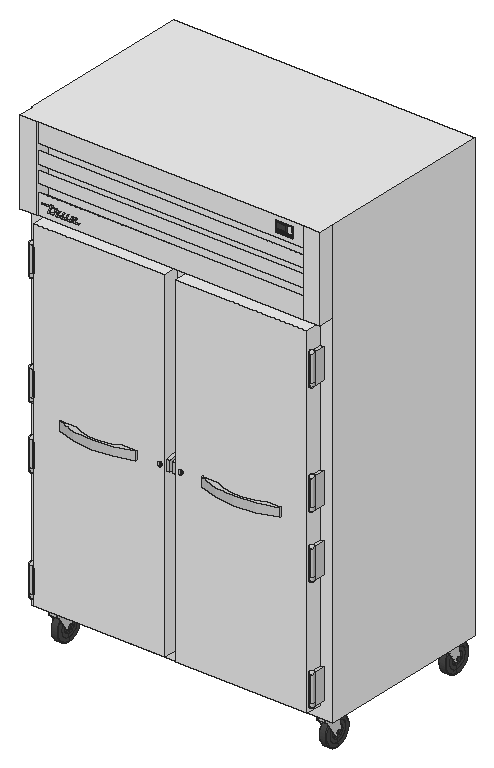
Revit family (continued)
Automatic sketch dimensions
  plane 9 to Extrusion 11 sketch curve = 4.2625"
  Extrusion 11 sketch curve to Extrusion 11 sketch curve = 2.4"  (x2)
  plane 8 to Extrusion 11 sketch curve = 12 13/32"
  Extrusion 11 sketch curve to Extrusion 11 sketch curve = 0"
  plane 5 "FRONT" to Extrusion 11 sketch curve = 0.2"
  Extrusion 11 sketch curve to plane 5 "FRONT" = 7.77899"
  Extrusion 11 sketch curve to Extrusion 11 sketch curve = 7.30945"
  plane 8 to Blend 12 sketch curve = 15/16"  (x2)
  plane 8 to Blend 12 sketch curve = 3/16"
  plane 7 to Blend 12 sketch curve = 31.11669"
  Blend 12 sketch curve to Blend 12 sketch curve = 1 3/4"
  plane 8 to Blend 12 sketch curve = 0.00527"
  plane 7 to Blend 12 sketch curve = 30.5191"
  Blend 12 sketch curve to Blend 12 sketch curve = 2.78233"
  Blend 13 sketch curve to plane 8 = 1 3/32"
  Blend 13 sketch curve to plane 8 = 11/32"
  plane 7 to Blend 13 sketch curve = 32.86669"
  Blend 13 sketch curve to Blend 13 sketch curve = 1 3/4"
  plane 8 to Blend 13 sketch curve = 1 3/32"
  plane 8 to Blend 13 sketch curve = 0.16152"
  Blend 13 sketch curve to plane 7 = 30.5191"
  Blend 13 sketch curve to Blend 13 sketch curve = 2.78233"
  Extrusion 14 sketch curve to plane 5 "FRONT" = 1/2"
  Extrusion 14 sketch curve to Extrusion 14 sketch curve = 0.43503"
  Extrusion 14 sketch curve to Extrusion 14 sketch curve = 0.20453"
  Extrusion 14 sketch curve to Extrusion 14 sketch curve = 1.61044"
  Extrusion 14 sketch curve to plane 6 "TOP" = 24.88873"
  Extrusion 14 sketch curve to Extrusion 14 sketch curve = 0.71221"
  Extrusion 14 sketch curve to Extrusion 14 sketch curve = 4.39928"
  Revolve 15 sketch curve to plane 5 "FRONT" = 0.07771"  (x2)
  Revolve 15 sketch curve to Revolve 15 sketch curve = 0.38242"
  Revolve 15 sketch curve to Revolve 15 sketch curve = 0.38436"
  Revolve 15 sketch curve to plane 5 "FRONT" = 31/64"
  Revolve 15 sketch curve to Revolve 15 sketch curve = 0.40666"
  Revolve 15 sketch curve to Revolve 15 sketch curve = 0"
  Revolve 15 sketch curve to plane 6 "TOP" = 25.07719"
  Revolve 15 sketch curve to Revolve 15 sketch curve = 0.32931"
  Revolve 15 sketch curve to Revolve 15 sketch curve = 0.51246"
  Revolve 15 sketch curve to Revolve 15 sketch curve = 0.05342"
  Revolve 15 sketch curve to Revolve 15 sketch curve = 4.42889"
  Revolve 15 sketch curve to Revolve 15 sketch curve = 0.04281"
  Revolve 15 sketch curve to Revolve 15 sketch curve = 0.18929"
  Revolve 15 sketch curve to Revolve 15 sketch curve = 0.55526"
  Extrusion 16 sketch curve to plane 9 = 0.96009"
  Extrusion 16 sketch curve to Extrusion 16 sketch curve = 0.39759"
  Extrusion 16 sketch curve to plane 6 "TOP" = 24.12421"
  Extrusion 16 sketch curve to Extrusion 16 sketch curve = 4.47281"
  Extrusion 17 sketch curve to plane 5 "FRONT" = 1/2"
  Extrusion 17 sketch curve to Extrusion 17 sketch curve = 0.43503"
  Extrusion 17 sketch curve to Extrusion 17 sketch curve = 0.20453"
  Extrusion 17 sketch curve to Extrusion 17 sketch curve = 1.61044"
  plane 7 to Extrusion 17 sketch curve = 33.61127"
  Extrusion 17 sketch curve to Extrusion 17 sketch curve = 0.71221"
  Extrusion 17 sketch curve to Extrusion 17 sketch curve = 4.39928"
  Revolve 18 sketch curve to plane 5 "FRONT" = 0.07771"  (x2)
  Revolve 18 sketch curve to Revolve 18 sketch curve = 0.38242"
  Revolve 18 sketch curve to Revolve 18 sketch curve = 0.38436"
  Revolve 18 sketch curve to plane 5 "FRONT" = 31/64"
  Revolve 18 sketch curve to Revolve 18 sketch curve = 0.40666"
  Revolve 18 sketch curve to Revolve 18 sketch curve = 0"
  plane 7 to Revolve 18 sketch curve = 33.42281"
  Revolve 18 sketch curve to Revolve 18 sketch curve = 0.32931"
  Revolve 18 sketch curve to Revolve 18 sketch curve = 0.51246"
  Revolve 18 sketch curve to Revolve 18 sketch curve = 0.05342"
  Revolve 18 sketch curve to Revolve 18 sketch curve = 4.42889"
  Revolve 18 sketch curve to Revolve 18 sketch curve = 0.04281"
  Revolve 18 sketch curve to Revolve 18 sketch curve = 0.18929"
  Revolve 18 sketch curve to Revolve 18 sketch curve = 0.55526"
  Extrusion 19 sketch curve to plane 9 = 0.96009"
  Extrusion 19 sketch curve to Extrusion 19 sketch curve = 0.39759"
  plane 7 to Extrusion 19 sketch curve = 34.37579"
  Extrusion 19 sketch curve to Extrusion 19 sketch curve = 4.47281"
  Extrusion 20 sketch curve to plane 5 "FRONT" = 1/2"
  Extrusion 20 sketch curve to Extrusion 20 sketch curve = 0.43503"
  Extrusion 20 sketch curve to Extrusion 20 sketch curve = 0.20453"
  Extrusion 20 sketch curve to Extrusion 20 sketch curve = 1.61044"
  plane 7 to Extrusion 20 sketch curve = 22.61127"
  Extrusion 20 sketch curve to Extrusion 20 sketch curve = 0.71221"
  Extrusion 20 sketch curve to Extrusion 20 sketch curve = 4.39928"
  Revolve 21 sketch curve to plane 5 "FRONT" = 0.07771"  (x2)
  Revolve 21 sketch curve to Revolve 21 sketch curve = 0.38242"
  Revolve 21 sketch curve to Revolve 21 sketch curve = 0.38436"
  Revolve 21 sketch curve to plane 5 "FRONT" = 31/64"
  Revolve 21 sketch curve to Revolve 21 sketch curve = 0.40666"
  Revolve 21 sketch curve to Revolve 21 sketch curve = 0"
  plane 7 to Revolve 21 sketch curve = 22.42281"
  Revolve 21 sketch curve to Revolve 21 sketch curve = 0.32931"
  Revolve 21 sketch curve to Revolve 21 sketch curve = 0.51246"
  Revolve 21 sketch curve to Revolve 21 sketch curve = 0.05342"
  Revolve 21 sketch curve to Revolve 21 sketch curve = 4.42889"
  Revolve 21 sketch curve to Revolve 21 sketch curve = 0.04281"
  Revolve 21 sketch curve to Revolve 21 sketch curve = 0.18929"
  Revolve 21 sketch curve to Revolve 21 sketch curve = 0.55526"
  Extrusion 22 sketch curve to plane 9 = 0.96009"
  Extrusion 22 sketch curve to Extrusion 22 sketch curve = 0.39759"
  plane 7 to Extrusion 22 sketch curve = 23.37579"
  Extrusion 22 sketch curve to Extrusion 22 sketch curve = 4.47281"
  Extrusion 23 sketch curve to plane 5 "FRONT" = 1/2"
  Extrusion 23 sketch curve to Extrusion 23 sketch curve = 0.43503"
  Extrusion 23 sketch curve to Extrusion 23 sketch curve = 0.20453"
  Extrusion 23 sketch curve to Extrusion 23 sketch curve = 1.61044"
  plane 7 to Extrusion 23 sketch curve = 2.86127"
  Extrusion 23 sketch curve to Extrusion 23 sketch curve = 0.71221"
  Extrusion 23 sketch curve to Extrusion 23 sketch curve = 4.39928"
  Revolve 24 sketch curve to plane 5 "FRONT" = 0.07771"  (x2)
  Revolve 24 sketch curve to Revolve 24 sketch curve = 0.38242"
  Revolve 24 sketch curve to Revolve 24 sketch curve = 0.38436"
  Revolve 24 sketch curve to plane 5 "FRONT" = 31/64"
  Revolve 24 sketch curve to Revolve 24 sketch curve = 0.40666"
  Revolve 24 sketch curve to Revolve 24 sketch curve = 0"
  plane 7 to Revolve 24 sketch curve = 2.67281"
  Revolve 24 sketch curve to Revolve 24 sketch curve = 0.32931"
  Revolve 24 sketch curve to Revolve 24 sketch curve = 0.51246"
  Revolve 24 sketch curve to Revolve 24 sketch curve = 0.05342"
  Revolve 24 sketch curve to Revolve 24 sketch curve = 4.42889"
  Revolve 24 sketch curve to Revolve 24 sketch curve = 0.04281"
  Revolve 24 sketch curve to Revolve 24 sketch curve = 0.18929"
  Revolve 24 sketch curve to Revolve 24 sketch curve = 0.55526"
  Extrusion 25 sketch curve to plane 9 = 0.96009"
  Extrusion 25 sketch curve to Extrusion 25 sketch curve = 0.39759"
  plane 7 to Extrusion 25 sketch curve = 3.62579"
  Extrusion 25 sketch curve to Extrusion 25 sketch curve = 4.47281"
  Extrusion 26 sketch curve to plane 5 "FRONT" = 1/2"
  Extrusion 26 sketch curve to Extrusion 26 sketch curve = 0.43503"
  Extrusion 26 sketch curve to Extrusion 26 sketch curve = 0.20453"
  Extrusion 26 sketch curve to Extrusion 26 sketch curve = 1.61044"
  Extrusion 26 sketch curve to plane 6 "TOP" = 19.57271"
  Extrusion 26 sketch curve to Extrusion 26 sketch curve = 4.39928"
  Extrusion 26 sketch curve to Extrusion 26 sketch curve = 0.71221"
  Revolve 27 sketch curve to plane 5 "FRONT" = 0.07771"  (x2)
  Revolve 27 sketch curve to Revolve 27 sketch curve = 0.38242"
  Revolve 27 sketch curve to Revolve 27 sketch curve = 0.38436"
  Revolve 27 sketch curve to plane 5 "FRONT" = 31/64"
  Revolve 27 sketch curve to Revolve 27 sketch curve = 0.40666"
  Revolve 27 sketch curve to Revolve 27 sketch curve = 0"
  Revolve 27 sketch curve to plane 6 "TOP" = 18.75492"
  Revolve 27 sketch curve to Revolve 27 sketch curve = 0.55526"
  Revolve 27 sketch curve to Revolve 27 sketch curve = 0.19474"
  Revolve 27 sketch curve to Revolve 27 sketch curve = 0.14649"
  Revolve 27 sketch curve to Revolve 27 sketch curve = 4.42889"
  Revolve 27 sketch curve to Revolve 27 sketch curve = 0.05342"
  Revolve 27 sketch curve to Revolve 27 sketch curve = 0.51246"
  Revolve 27 sketch curve to Revolve 27 sketch curve = 0.05889"
  plane 10 to Extrusion 28 sketch curve = 0.80384"
  Extrusion 28 sketch curve to Extrusion 28 sketch curve = 0.39759"
  Extrusion 28 sketch curve to plane 6 "TOP" = 19.6514"
  Extrusion 28 sketch curve to Extrusion 28 sketch curve = 4.47281"
  Extrusion 29 sketch curve to plane 5 "FRONT" = 1/2"
  Extrusion 29 sketch curve to Extrusion 29 sketch curve = 0.43503"
  Extrusion 29 sketch curve to Extrusion 29 sketch curve = 0.20453"
  Extrusion 29 sketch curve to Extrusion 29 sketch curve = 1.61044"
  plane 7 to Extrusion 29 sketch curve = 38.92729"
  Extrusion 29 sketch curve to Extrusion 29 sketch curve = 4.39928"
  Extrusion 29 sketch curve to Extrusion 29 sketch curve = 0.71221"
  Revolve 30 sketch curve to plane 5 "FRONT" = 0.07771"  (x2)
  Revolve 30 sketch curve to Revolve 30 sketch curve = 0.38242"
  Revolve 30 sketch curve to Revolve 30 sketch curve = 0.38436"
  Revolve 30 sketch curve to plane 5 "FRONT" = 31/64"
  Revolve 30 sketch curve to Revolve 30 sketch curve = 0.40666"
  Revolve 30 sketch curve to Revolve 30 sketch curve = 0"
  Revolve 30 sketch curve to plane 6 "TOP" = 38.25492"
  Revolve 30 sketch curve to Revolve 30 sketch curve = 0.55526"
  Revolve 30 sketch curve to Revolve 30 sketch curve = 0.19474"
  Revolve 30 sketch curve to Revolve 30 sketch curve = 0.14649"
  Revolve 30 sketch curve to Revolve 30 sketch curve = 4.42889"
  Revolve 30 sketch curve to Revolve 30 sketch curve = 0.05342"
  Revolve 30 sketch curve to Revolve 30 sketch curve = 0.51246"
  Revolve 30 sketch curve to Revolve 30 sketch curve = 0.05889"
  plane 10 to Extrusion 31 sketch curve = 0.80384"
  Extrusion 31 sketch curve to Extrusion 31 sketch curve = 0.39759"
  plane 7 to Extrusion 31 sketch curve = 38.8486"
  Extrusion 31 sketch curve to Extrusion 31 sketch curve = 4.47281"
  Extrusion 32 sketch curve to plane 5 "FRONT" = 1/2"
  Extrusion 32 sketch curve to Extrusion 32 sketch curve = 0.43503"
  Extrusion 32 sketch curve to Extrusion 32 sketch curve = 0.20453"
  Extrusion 32 sketch curve to Extrusion 32 sketch curve = 1.61044"
  plane 7 to Extrusion 32 sketch curve = 27.92729"
  Extrusion 32 sketch curve to Extrusion 32 sketch curve = 4.39928"
  Extrusion 32 sketch curve to Extrusion 32 sketch curve = 0.71221"
  Revolve 33 sketch curve to plane 5 "FRONT" = 0.07771"  (x2)
  Revolve 33 sketch curve to Revolve 33 sketch curve = 0.38242"
  Revolve 33 sketch curve to Revolve 33 sketch curve = 0.38436"
  Revolve 33 sketch curve to plane 5 "FRONT" = 31/64"
  Revolve 33 sketch curve to Revolve 33 sketch curve = 0.40666"
  Revolve 33 sketch curve to Revolve 33 sketch curve = 0"
  plane 7 to Revolve 33 sketch curve = 28.74508"
  Revolve 33 sketch curve to Revolve 33 sketch curve = 0.55526"
  Revolve 33 sketch curve to Revolve 33 sketch curve = 0.19474"
  Revolve 33 sketch curve to Revolve 33 sketch curve = 0.14649"
  Revolve 33 sketch curve to Revolve 33 sketch curve = 4.42889"
  Revolve 33 sketch curve to Revolve 33 sketch curve = 0.05342"
  Revolve 33 sketch curve to Revolve 33 sketch curve = 0.51246"
  Revolve 33 sketch curve to Revolve 33 sketch curve = 0.05889"
  plane 10 to Extrusion 34 sketch curve = 0.80384"
  Extrusion 34 sketch curve to Extrusion 34 sketch curve = 0.39759"
  plane 7 to Extrusion 34 sketch curve = 27.8486"
  Extrusion 34 sketch curve to Extrusion 34 sketch curve = 4.47281"
  Extrusion 35 sketch curve to plane 5 "FRONT" = 1/2"
  Extrusion 35 sketch curve to Extrusion 35 sketch curve = 0.43503"
  Extrusion 35 sketch curve to Extrusion 35 sketch curve = 0.20453"
  Extrusion 35 sketch curve to Extrusion 35 sketch curve = 1.61044"
  plane 7 to Extrusion 35 sketch curve = 8.17729"
  plane 7 to Extrusion 35 sketch curve = 3.57348"
  Extrusion 35 sketch curve to Extrusion 35 sketch curve = 0.71221"
  Revolve 36 sketch curve to plane 5 "FRONT" = 0.07771"  (x2)
  Revolve 36 sketch curve to Revolve 36 sketch curve = 0.38242"
  Revolve 36 sketch curve to Revolve 36 sketch curve = 0.38436"
  Revolve 36 sketch curve to plane 5 "FRONT" = 31/64"
  Revolve 36 sketch curve to Revolve 36 sketch curve = 0.40666"
  Revolve 36 sketch curve to Revolve 36 sketch curve = 0"
  plane 7 to Revolve 36 sketch curve = 8.99508"
  Revolve 36 sketch curve to Revolve 36 sketch curve = 0.55526"
  Revolve 36 sketch curve to Revolve 36 sketch curve = 0.19474"
  Revolve 36 sketch curve to Revolve 36 sketch curve = 0.14649"
  plane 7 to Revolve 36 sketch curve = 3.62689"
  Revolve 36 sketch curve to Revolve 36 sketch curve = 0.05342"
  Revolve 36 sketch curve to Revolve 36 sketch curve = 0.51246"
  Revolve 36 sketch curve to Revolve 36 sketch curve = 0.05889"
  plane 10 to Extrusion 37 sketch curve = 0.80384"
  Extrusion 37 sketch curve to Extrusion 37 sketch curve = 0.39759"
  plane 7 to Extrusion 37 sketch curve = 8.0986"
  plane 7 to Extrusion 37 sketch curve = 3.62579"
  Revolve 38 sketch curve to plane 10 = 1.50773"
  Revolve 38 sketch curve to Revolve 38 sketch curve = 0.48273"
  Revolve 38 sketch curve to plane 10 = 5/8"  (x2)
  Revolve 38 sketch curve to Revolve 38 sketch curve = 0.1"  (x2)
  Revolve 38 sketch curve to Revolve 38 sketch curve = 0.16101"
  plane 10 to Revolve 38 sketch curve = 0.12908"
  plane 10 to Revolve 38 sketch curve = 0.46399"
  plane 10 to Revolve 38 sketch curve = 0.525"
  Revolve 38 sketch curve to Revolve 38 sketch curve = 1/2"
  Revolve 38 sketch curve to Revolve 38 sketch curve = 0.16509"
  Revolve 38 sketch curve to Revolve 38 sketch curve = 0.39592"
  level to Revolve 38 sketch curve = 2 1/2"
  Revolve 38 sketch curve to Revolve 38 sketch curve = 0"
  Revolve 38 sketch curve to Revolve 38 sketch curve = 0.29941"  (x2)
  Revolve 38 sketch curve to Revolve 38 sketch curve = 3/4"  (x4)
  Revolve 38 sketch curve to Revolve 38 sketch curve = 0.59652"
  Revolve 38 sketch curve to Revolve 38 sketch curve = 0.60059"
  Extrusion 39 sketch curve to plane 7 = 0.63926"  (x2)
  Extrusion 39 sketch curve to plane 5 "FRONT" = 3.79864"
  Extrusion 39 sketch curve to Extrusion 39 sketch curve = 1/4"  (x2)
  level to Extrusion 39 sketch curve = 2.18736"  (x2)
  Extrusion 39 sketch curve to Extrusion 39 sketch curve = 1.7492"
  Extrusion 39 sketch curve to Extrusion 39 sketch curve = 0.50669"  (x2)
  Extrusion 39 sketch curve to Extrusion 39 sketch curve = 2 1/2"
  level to Extrusion 39 sketch curve = 2.59003"
  Extrusion 39 sketch curve to Extrusion 39 sketch curve = 0.59966"  (x2)
  plane 1 "BACK" to Extrusion 39 sketch curve = 3.8577"
  plane 1 "BACK" to Extrusion 39 sketch curve = 1.8585"
  plane 1 "BACK" to Extrusion 39 sketch curve = 1.1077"
  Extrusion 39 sketch curve to Extrusion 39 sketch curve = 0.32905"
  Extrusion 39 sketch curve to Extrusion 39 sketch curve = 0.60485"  (x2)
  Extrusion 40 sketch curve to plane 7 = 0.63926"  (x2)
  Extrusion 40 sketch curve to plane 5 "FRONT" = 3.79864"
  Extrusion 40 sketch curve to Extrusion 40 sketch curve = 1/4"  (x2)
  level to Extrusion 40 sketch curve = 2.18736"  (x2)
  Extrusion 40 sketch curve to Extrusion 40 sketch curve = 1.7492"
  Extrusion 40 sketch curve to Extrusion 40 sketch curve = 0.50669"  (x2)
  Extrusion 40 sketch curve to Extrusion 40 sketch curve = 2 1/2"
  level to Extrusion 40 sketch curve = 2.59003"
  Extrusion 40 sketch curve to Extrusion 40 sketch curve = 0.59966"  (x2)
  plane 1 "BACK" to Extrusion 40 sketch curve = 3.8577"
  plane 1 "BACK" to Extrusion 40 sketch curve = 1.8585"
  plane 1 "BACK" to Extrusion 40 sketch curve = 1.1077"
  Extrusion 40 sketch curve to Extrusion 40 sketch curve = 0.32905"
  Extrusion 40 sketch curve to Extrusion 40 sketch curve = 0.60485"  (x2)
  Revolve 41 sketch curve to plane 10 = 0"  (x2)
  Revolve 41 sketch curve to plane 7 = 0.62954"
  Revolve 41 sketch curve to plane 10 = 1.29707"
  Revolve 41 sketch curve to Revolve 41 sketch curve = 0.10278"
  Revolve 41 sketch curve to plane 7 = 0.00141"
  plane 7 to Revolve 41 sketch curve = 0.26768"
  Revolve 42 sketch curve to level = 0"
  Revolve 42 sketch curve to plane 10 = 0"  (x2)
  Revolve 42 sketch curve to plane 10 = 1/2"
  Revolve 42 sketch curve to Revolve 42 sketch curve = 1/4"
  Revolve 42 sketch curve to plane 7 = 0"
  Revolve 42 sketch curve to Revolve 42 sketch curve = 1.33338"
  level to Revolve 42 sketch curve = 1"
  Revolve 42 sketch curve to Revolve 42 sketch curve = 5/8"
  plane 7 to Revolve 42 sketch curve = 1 25/32"
  Revolve 43 sketch curve to level = 0"
  Revolve 43 sketch curve to plane 10 = 0"  (x2)
  Revolve 43 sketch curve to plane 10 = 1/2"
  Revolve 43 sketch curve to Revolve 43 sketch curve = 1/4"
  Revolve 43 sketch curve to plane 7 = 0"
  Revolve 43 sketch curve to Revolve 43 sketch curve = 1.33338"
  level to Revolve 43 sketch curve = 1"
  Revolve 43 sketch curve to Revolve 43 sketch curve = 5/8"
  plane 7 to Revolve 43 sketch curve = 1 25/32"
  Revolve 44 sketch curve to plane 10 = 0"  (x2)
  Revolve 44 sketch curve to plane 7 = 0.62954"
  Revolve 44 sketch curve to plane 10 = 1.29707"
  Revolve 44 sketch curve to Revolve 44 sketch curve = 0.10278"
  Revolve 44 sketch curve to plane 7 = 0.00141"
  plane 7 to Revolve 44 sketch curve = 0.26768"
  Extrusion 45 sketch curve to plane 7 = 0.63926"  (x2)
  Extrusion 45 sketch curve to plane 5 "FRONT" = 3.79864"
  Extrusion 45 sketch curve to Extrusion 45 sketch curve = 1/4"  (x2)
  Extrusion 45 sketch curve to Extrusion 45 sketch curve = 2 1/2"
  Extrusion 45 sketch curve to plane 7 = 0.93273"  (x2)
  Extrusion 45 sketch curve to Extrusion 45 sketch curve = 0.03603"
  plane 1 "BACK" to Extrusion 45 sketch curve = 3.8577"
  Extrusion 45 sketch curve to plane 7 = 1.24411"
  plane 1 "BACK" to Extrusion 45 sketch curve = 1.1077"
  Revolve 46 sketch curve to plane 10 = 1.50773"
  Revolve 46 sketch curve to Revolve 46 sketch curve = 0.48273"
  Revolve 46 sketch curve to plane 10 = 5/8"  (x2)
  Revolve 46 sketch curve to Revolve 46 sketch curve = 0.1"  (x2)
  Revolve 46 sketch curve to Revolve 46 sketch curve = 0.16101"
  plane 10 to Revolve 46 sketch curve = 0.12908"
  plane 10 to Revolve 46 sketch curve = 0.46399"
  plane 10 to Revolve 46 sketch curve = 0.525"
  Revolve 46 sketch curve to Revolve 46 sketch curve = 1/2"
  Revolve 46 sketch curve to Revolve 46 sketch curve = 0.16509"
  Revolve 46 sketch curve to Revolve 46 sketch curve = 0.39592"
  level to Revolve 46 sketch curve = 2 1/2"
  Revolve 46 sketch curve to Revolve 46 sketch curve = 0"
  Revolve 46 sketch curve to Revolve 46 sketch curve = 0.29941"  (x2)
  Revolve 46 sketch curve to Revolve 46 sketch curve = 3/4"  (x4)
  Revolve 46 sketch curve to Revolve 46 sketch curve = 0.59652"
  Revolve 46 sketch curve to Revolve 46 sketch curve = 0.60059"
  plane 3 "LEFT" to Revolve 47 sketch curve = 1.33602"
  Revolve 47 sketch curve to Revolve 47 sketch curve = 0.48273"
  Revolve 47 sketch curve to plane 9 = 5/8"  (x2)
  Revolve 47 sketch curve to Revolve 47 sketch curve = 0.1"  (x2)
  Revolve 47 sketch curve to Revolve 47 sketch curve = 0.16101"
  plane 9 to Revolve 47 sketch curve = 0.12908"
  plane 9 to Revolve 47 sketch curve = 0.46399"
  plane 9 to Revolve 47 sketch curve = 0.525"
  Revolve 47 sketch curve to Revolve 47 sketch curve = 1/2"
  Revolve 47 sketch curve to Revolve 47 sketch curve = 0.16509"
  Revolve 47 sketch curve to Revolve 47 sketch curve = 0.39592"
  level to Revolve 47 sketch curve = 2 1/2"
  Revolve 47 sketch curve to Revolve 47 sketch curve = 0"
  Revolve 47 sketch curve to Revolve 47 sketch curve = 0.29941"  (x2)
  Revolve 47 sketch curve to Revolve 47 sketch curve = 3/4"  (x4)
  Revolve 47 sketch curve to Revolve 47 sketch curve = 0.59652"
  Revolve 47 sketch curve to Revolve 47 sketch curve = 0.60059"
  Extrusion 48 sketch curve to plane 7 = 0.63926"  (x2)
  Extrusion 48 sketch curve to plane 5 "FRONT" = 3.79864"
  Extrusion 48 sketch curve to Extrusion 48 sketch curve = 1/4"  (x2)
  level to Extrusion 48 sketch curve = 2.18736"  (x2)
  Extrusion 48 sketch curve to Extrusion 48 sketch curve = 1.7492"
  Extrusion 48 sketch curve to Extrusion 48 sketch curve = 0.50669"  (x2)
  Extrusion 48 sketch curve to Extrusion 48 sketch curve = 2 1/2"
  level to Extrusion 48 sketch curve = 2.59003"
  Extrusion 48 sketch curve to Extrusion 48 sketch curve = 0.59966"  (x2)
  plane 1 "BACK" to Extrusion 48 sketch curve = 3.8577"
  plane 1 "BACK" to Extrusion 48 sketch curve = 1.8585"
  plane 1 "BACK" to Extrusion 48 sketch curve = 1.1077"
  Extrusion 48 sketch curve to Extrusion 48 sketch curve = 0.32905"
  Extrusion 48 sketch curve to Extrusion 48 sketch curve = 0.60485"  (x2)
  Extrusion 49 sketch curve to plane 7 = 0.63926"  (x2)
  Extrusion 49 sketch curve to plane 5 "FRONT" = 3.79864"
  Extrusion 49 sketch curve to Extrusion 49 sketch curve = 1/4"  (x2)
  level to Extrusion 49 sketch curve = 2.18736"  (x2)
  Extrusion 49 sketch curve to Extrusion 49 sketch curve = 1.7492"
  Extrusion 49 sketch curve to Extrusion 49 sketch curve = 0.50669"  (x2)
  Extrusion 49 sketch curve to Extrusion 49 sketch curve = 2 1/2"
  level to Extrusion 49 sketch curve = 2.59003"
  Extrusion 49 sketch curve to Extrusion 49 sketch curve = 0.59966"  (x2)
  plane 1 "BACK" to Extrusion 49 sketch curve = 3.8577"
  plane 1 "BACK" to Extrusion 49 sketch curve = 1.8585"
  plane 1 "BACK" to Extrusion 49 sketch curve = 1.1077"
  Extrusion 49 sketch curve to Extrusion 49 sketch curve = 0.32905"
  Extrusion 49 sketch curve to Extrusion 49 sketch curve = 0.60485"  (x2)
  Revolve 50 sketch curve to plane 9 = 0"  (x2)
  Revolve 50 sketch curve to plane 7 = 0.62954"
  Revolve 50 sketch curve to plane 9 = 1.29707"
  Revolve 50 sketch curve to Revolve 50 sketch curve = 0.10278"
  Revolve 50 sketch curve to plane 7 = 0.00141"
  plane 7 to Revolve 50 sketch curve = 0.26768"
  Revolve 51 sketch curve to level = 0"
  Revolve 51 sketch curve to plane 9 = 0"  (x2)
  Revolve 51 sketch curve to plane 9 = 1/2"
  Revolve 51 sketch curve to Revolve 51 sketch curve = 1/4"
  Revolve 51 sketch curve to plane 7 = 0"
  Revolve 51 sketch curve to plane 9 = 1.33338"
  level to Revolve 51 sketch curve = 1"
  Revolve 51 sketch curve to Revolve 51 sketch curve = 5/8"
  plane 7 to Revolve 51 sketch curve = 1 25/32"
  Revolve 52 sketch curve to level = 0"
  Revolve 52 sketch curve to plane 9 = 0"  (x2)
  Revolve 52 sketch curve to plane 9 = 1/2"
  Revolve 52 sketch curve to Revolve 52 sketch curve = 1/4"
  Revolve 52 sketch curve to plane 7 = 0"
  Revolve 52 sketch curve to plane 9 = 1.33338"
  level to Revolve 52 sketch curve = 1"
  Revolve 52 sketch curve to Revolve 52 sketch curve = 5/8"
  plane 7 to Revolve 52 sketch curve = 1 25/32"
  Revolve 53 sketch curve to plane 9 = 0"  (x2)
  Revolve 53 sketch curve to plane 7 = 0.62954"
  Revolve 53 sketch curve to plane 9 = 1.29707"
  Revolve 53 sketch curve to Revolve 53 sketch curve = 0.10278"
  Revolve 53 sketch curve to plane 7 = 0.00141"
  plane 7 to Revolve 53 sketch curve = 0.26768"
  Extrusion 54 sketch curve to plane 7 = 0.63926"  (x2)
  Extrusion 54 sketch curve to plane 5 "FRONT" = 3.79864"
  Extrusion 54 sketch curve to Extrusion 54 sketch curve = 1/4"  (x2)
  Extrusion 54 sketch curve to Extrusion 54 sketch curve = 2 1/2"
  Extrusion 54 sketch curve to plane 7 = 0.93273"  (x2)
  Extrusion 54 sketch curve to Extrusion 54 sketch curve = 0.03603"
  plane 1 "BACK" to Extrusion 54 sketch curve = 3.8577"
  Extrusion 54 sketch curve to plane 7 = 1.24411"
  plane 1 "BACK" to Extrusion 54 sketch curve = 1.1077"
  plane 3 "LEFT" to Revolve 55 sketch curve = 1.33602"
  Revolve 55 sketch curve to Revolve 55 sketch curve = 0.48273"
  Revolve 55 sketch curve to plane 9 = 5/8"  (x2)
  Revolve 55 sketch curve to Revolve 55 sketch curve = 0.1"  (x2)
  Revolve 55 sketch curve to Revolve 55 sketch curve = 0.16101"
  plane 9 to Revolve 55 sketch curve = 0.12908"
  plane 9 to Revolve 55 sketch curve = 0.46399"
  plane 9 to Revolve 55 sketch curve = 0.525"
  Revolve 55 sketch curve to Revolve 55 sketch curve = 1/2"
  Revolve 55 sketch curve to Revolve 55 sketch curve = 0.16509"
  Revolve 55 sketch curve to Revolve 55 sketch curve = 0.39592"
  level to Revolve 55 sketch curve = 2 1/2"
  Revolve 55 sketch curve to Revolve 55 sketch curve = 0"
  Revolve 55 sketch curve to Revolve 55 sketch curve = 0.29941"  (x2)
  Revolve 55 sketch curve to Revolve 55 sketch curve = 3/4"  (x4)
  Revolve 55 sketch curve to Revolve 55 sketch curve = 0.59652"
  Revolve 55 sketch curve to Revolve 55 sketch curve = 0.60059"
  Extrusion 56 sketch curve to plane 6 "TOP" = 2.55982"
  Extrusion 56 sketch curve to plane 10 = 5.12093"
  Extrusion 56 sketch curve to plane 10 = 2.21468"
  Extrusion 56 sketch curve to plane 6 "TOP" = 13/16"
  Extrusion 57 sketch curve to plane 6 "TOP" = 3/4"
  Extrusion 57 sketch curve to plane 10 = 5.18343"
  Extrusion 57 sketch curve to Extrusion 57 sketch curve = 1/16"  (x4)
  Extrusion 57 sketch curve to Extrusion 57 sketch curve = 0.1375"  (x2)
  Extrusion 57 sketch curve to Extrusion 57 sketch curve = 1/4"  (x4)
  Extrusion 57 sketch curve to Extrusion 57 sketch curve = 0.44601"
  Extrusion 57 sketch curve to Extrusion 57 sketch curve = 1/2"  (x2)
  Extrusion 57 sketch curve to Extrusion 57 sketch curve = 0.0035"
  Extrusion 57 sketch curve to Extrusion 57 sketch curve = 1.06923"
  Extrusion 57 sketch curve to plane 6 "TOP" = 0.95"
  Extrusion 57 sketch curve to Extrusion 57 sketch curve = 1"
  Extrusion 57 sketch curve to Extrusion 57 sketch curve = 0.34106"  (x3)
  Extrusion 57 sketch curve to Extrusion 57 sketch curve = 0"
  Extrusion 57 sketch curve to Extrusion 57 sketch curve = 0.26876"
  Extrusion 59 sketch curve to plane 9 = 0"
  Extrusion 59 sketch curve to plane 5 "FRONT" = 5.09023"
  Extrusion 60 sketch curve to plane 9 = 0"
  plane 1 "BACK" to Extrusion 60 sketch curve = 2.69102"
  Extrusion 61 sketch curve to plane 10 = 0"
  plane 1 "BACK" to Extrusion 61 sketch curve = 2.69102"
  Extrusion 62 sketch curve to plane 10 = 0"
  Extrusion 62 sketch curve to plane 5 "FRONT" = 5.09023"
  plane 5 "FRONT" to Extrusion 58 sketch curve = 0"  (x2)
  plane 10 to Extrusion 58 sketch curve = 13/32"
  Extrusion 58 sketch curve to plane 12 = 15/16"
  plane 8 to Extrusion 58 sketch curve = 15/16"
  Extrusion 58 sketch curve to plane 9 = 9/16"
  Extrusion 58 sketch curve to Extrusion 58 sketch curve = 0"
  radius of Extrusion 8 sketch curve = 0.35"  (x2)
  radius of Extrusion 10 sketch curve = 1/4"
  radius of Extrusion 59 sketch curve = 1 1/2"
  radius of Extrusion 60 sketch curve = 1 1/2"
  radius of Extrusion 61 sketch curve = 1 1/2"
  radius of Extrusion 62 sketch curve = 1 1/2"
Connectors (in)
  electrical at (49.53125, -0.0625, 82), driven by "Volts", driven by "Watts"
    settings: on Extrusion 10, index 1, voltage 208 V, apparent load 3000 VA, apparent load phase1 0 VA, apparent load phase2 0 VA, apparent load phase3 0 VA, power factor 1, load classification "Other", number of poles 1, system type 30, power factor state 1, is connector primary yes, connector utility no, sub classification motor no, connector description "Electrical Connection"
